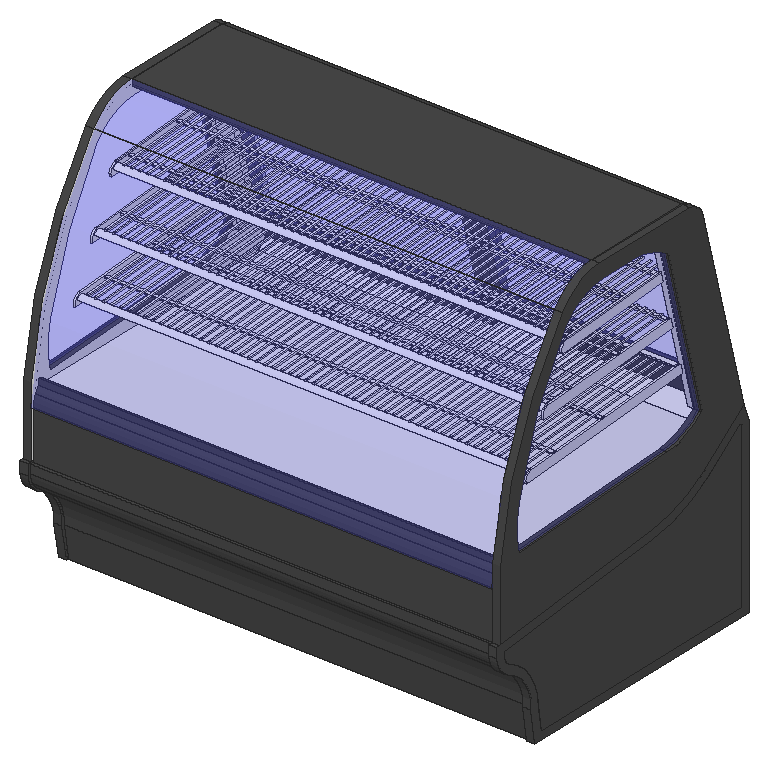
Revit family "QF_TRUE_TDM-R-59_cat", category Specialty Equipment, Revit 2014
Parameters
  Weight in Pounds = 760
  Watts = FL Amps * Volts  # 1380 W
  Volts = 115 V
  URL Cutsheet = ""
  Specification by User = ""
  Specification by Manufacturer = ""
  Solid Mirror End = Pass Code = 3  # no
  Model = "TDM-R-59"
  Manufacturer = "TRUE"
  Interior Finishes = QF_Plastic - White - Smooth
  Show Clearance [instance] = yes
  Serial Number = ""
  Seismic Rating = ""
  SMACNA No = ""
  Revision Code = ""
  Phase = 1
  Pass Code = 1
  Number of Poles = 1
  NAFEM Spec ID Number = ""
  Mirror End = Pass Code = 2  # no
  Min Ckt Ampacity = 0 A
  Max Overcurrent Protection = 0 A
  Exterior Finishes = QF_Plastic - Black - Coarse Textured
  Masterspec = ""
  Length = 59 1/4"
  Item Number = ""
  Installed By = ""
  Identify Quantity as Lot = yes
  Height = 49 1/8"
  HP = "1/2"
  Glass End = Pass Code = 1  # yes
  Furnished By = ""
  Foodservice Equipment Identifier = yes
  FL Amps = 12 A
  Electrical Remarks = ""
  Electric Connection Type = ""
  Elec Conn RI Height = 0"
  Elec Conn Connection Height = 0"
  Description = "CURVED GLASS, GLASS END REFRIGERATOR"
  Depth = 39"
  Cycle = 60 Hz
  Conn Plug = "5-15P"
  Conn Conduit = yes
  CSI MasterFormat = ""
  Apparent Power = 0 VA
Reference planes (in)
  plane 1 "BACK": y = 0
  plane 2: z = 0
  plane 3 "LEFT": x = 0
  plane 4 "RIGHT": x = 59.25
  plane 5 "FRONT": y = -39
  plane 6 "TOP": z = 49.125
  plane 7 "Center Y": x = 29.625
  plane 8 "Center X": y = -19.5
  plane 9: z = 22.23339
  plane 10: z = 21.46032
  plane 11: z = 19.2306
  plane 12: z = 13.2306
  plane 13: z = 11.2306
  plane 14: z = 12.2306
  plane 15: z = 78
  plane 16: z = 22.23339
  plane 17: z = 21.46032
  plane 18: z = 19.2306
  plane 19: z = 13.2306
  plane 20: z = 11.2306
  plane 21: z = 12.2306
  plane 22: z = 22.23339
  plane 23: z = 21.46032
  plane 24: z = 19.2306
  plane 25: z = 13.2306
  plane 26: z = 11.2306
  plane 27: z = 12.2306
Forms (in)
  Extrusion 1, solid, material "QF_Plastic - Black - Coarse Textured" <- "Exterior Finishes"
    sketch origin (0, 0, 0) x (0, 1, 0) y (0, 0, 1)
      loop
        line (-33.09114, 0) -> (0, 0) -> (0, 21.37994) -> (-0.67753, 23.38628) -> (-6.94741, 18.83094)
        arc (-6.94741, 18.83094) -> (-10.71461, 16.78552) -> (-14.88284, 15.78482) r 16.42074
        line (-14.88284, 15.78482) -> (-39, 13.25) -> (-39, 12)
        arc (-39, 12) -> (-38.49391, 10.52321) -> (-37.27927, 9.54254) r 2.81746
        arc (-37.27927, 9.54254) -> (-34.67152, 7.36086) -> (-33.73912, 4.09119) r 5.78692
        line (-33.73912, 4.09119) -> (-33.09114, 0)
      loop
        line (-14.77832, 14.79029) -> (-38, 12.3496) -> (-38, 12.02743)
        arc (-38, 12.02743) -> (-37.66841, 11.08778) -> (-36.89123, 10.46419) r 1.81746
        arc (-36.89123, 10.46419) -> (-33.85816, 7.94419) -> (-32.73807, 4.16328) r 6.78692
        line (-32.73807, 4.16328) -> (-32.23706, 1) -> (-1, 1) -> (-1, 21.21565) -> (-1.18989, 21.77796) -> (-6.35963, 18.02193)
        arc (-6.35963, 18.02193) -> (-10.35624, 15.85194) -> (-14.77832, 14.79029) r 17.42074
    from 0 to 1
  Extrusion 2, solid, material "QF_Plastic - Black - Coarse Textured" <- "Exterior Finishes", visible <- "Glass End"
    sketch origin (0, 0, 0) x (0, 1, 0) y (0, 0, 1)
      loop
        arc (-23.00923, 49.125) -> (-26.25461, 48.28362) -> (-28.76429, 46.06056) r 7.18086
        arc (-28.76429, 46.06056) -> (-36.72155, 30.59943) -> (-38.50274, 13.30226) r 46.92774
        line (-38.50274, 13.30226) -> (-14.88284, 15.78482)
        arc (-14.88284, 15.78482) -> (-10.71461, 16.78552) -> (-6.94741, 18.83094) r 16.42074
        line (-6.94741, 18.83094) -> (-0.67753, 23.38628) -> (-7.14522, 47.81699)
        arc (-7.14522, 47.81699) -> (-7.93905, 48.6712) -> (-9.01326, 49.125) r 2.78194
        line (-9.01326, 49.125) -> (-23.00923, 49.125)
      loop
        arc (-12.5504, 45.68373) -> (-15.14135, 46.83048) -> (-17.95423, 47.17076) r 9.59778
        line (-17.95423, 47.17076) -> (-22.45423, 47.17076)
        arc (-22.45423, 47.17076) -> (-25.70423, 46.45025) -> (-28.34523, 44.42374) r 7.69016
        arc (-28.34523, 44.42374) -> (-32.77097, 36.54248) -> (-35.66649, 27.97992) r 48.77616
        arc (-35.66649, 27.97992) -> (-36.00339, 25.10492) -> (-35.66649, 22.22992) r 12.43573
        line (-35.66649, 22.22992) -> (-12.44835, 23.44673)
        arc (-12.44835, 23.44673) -> (-9.65615, 24.07889) -> (-7.23547, 25.60742) r 8.44677
        line (-7.23547, 25.60742) -> (-12.5504, 45.68373)
    from 0 to 1
  Extrusion 3, solid, material "QF_Plastic - White - Smooth" <- "Interior Finishes"
    sketch origin (0, 0, 0) x (0, 1, 0) y (0, 0, 1)
      loop
        line (-14.77832, 14.79029) -> (-38, 12.3496) -> (-38, 12.02743)
        arc (-38, 12.02743) -> (-37.66841, 11.08778) -> (-36.89123, 10.46419) r 1.81746
        arc (-36.89123, 10.46419) -> (-33.85816, 7.94419) -> (-32.73807, 4.16328) r 6.78692
        line (-32.73807, 4.16328) -> (-32.23706, 1) -> (-1, 1) -> (-1, 21.21565) -> (-1.18989, 21.77796) -> (-6.35963, 18.02193)
        arc (-6.35963, 18.02193) -> (-10.35624, 15.85194) -> (-14.77832, 14.79029) r 17.42074
    from 0 to 1
  Extrusion 4, solid, material "Glass", visible <- "Glass End"
    sketch origin (0, 0, 0) x (0, 1, 0) y (0, 0, 1)
      loop
        arc (-12.5504, 45.68373) -> (-15.14135, 46.83048) -> (-17.95423, 47.17076) r 9.59778
        line (-17.95423, 47.17076) -> (-22.45423, 47.17076)
        arc (-22.45423, 47.17076) -> (-25.70423, 46.45025) -> (-28.34523, 44.42374) r 7.69016
        arc (-28.34523, 44.42374) -> (-32.77097, 36.54248) -> (-35.66649, 27.97992) r 48.77616
        arc (-35.66649, 27.97992) -> (-36.00339, 25.10492) -> (-35.66649, 22.22992) r 12.43573
        line (-35.66649, 22.22992) -> (-12.44835, 23.44673)
        arc (-12.44835, 23.44673) -> (-9.65615, 24.07889) -> (-7.23547, 25.60742) r 8.44677
        line (-7.23547, 25.60742) -> (-12.5504, 45.68373)
    from 0.25 to 0.5
  Extrusion 5, solid, material "QF_Plastic - Black - Coarse Textured" <- "Exterior Finishes"
    sketch origin (1, 0, 0) x (0, 1, 0) y (0, 0, 1)
      loop
        line (-9.01326, 49.125) -> (-23.00923, 49.125) -> (-23.00923, 48.375) -> (-9.01326, 48.375) -> (-7.89522, 47.81699) -> (-7.14522, 47.81699)
        arc (-7.14522, 47.81699) -> (-7.93905, 48.6712) -> (-9.01326, 49.125) r 2.78194
      loop
        line (-32.83802, 0) -> (-0.67753, 0) -> (-0.67753, 19.2306) -> (-38.34174, 19.2306) -> (-38.34174, 10.74475)
        arc (-38.34174, 10.74475) -> (-37.8352, 10.17151) -> (-37.18226, 9.77295) r 2.56746
        arc (-37.18226, 9.77295) -> (-34.46798, 7.50644) -> (-33.48875, 4.10856) r 6.03692
        line (-33.48875, 4.10856) -> (-32.83802, 0)
    from 0 to 57.25
  Extrusion 6, solid, material "QF_Plastic - Black - Coarse Textured" <- "Exterior Finishes"
    sketch origin (59.25, 0, 0) x (0, -1, 0) y (0, 0, 1)
      loop
        line (33.09114, 0) -> (33.73912, 4.09119)
        arc (33.73912, 4.09119) -> (34.67152, 7.36086) -> (37.27927, 9.54254) r 5.78692
        arc (37.27927, 9.54254) -> (38.49391, 10.52321) -> (39, 12) r 2.81746
        line (39, 12) -> (39, 13.25) -> (14.88284, 15.78482)
        arc (14.88284, 15.78482) -> (10.71461, 16.78552) -> (6.94741, 18.83094) r 16.42074
        line (6.94741, 18.83094) -> (0.67753, 23.38628) -> (0, 21.37994) -> (0, 0) -> (33.09114, 0)
      loop
        arc (14.77832, 14.79029) -> (10.35624, 15.85194) -> (6.35963, 18.02193) r 17.42074
        line (6.35963, 18.02193) -> (1.18989, 21.77796) -> (1, 21.21565) -> (1, 1) -> (32.23706, 1) -> (32.73807, 4.16328)
        arc (32.73807, 4.16328) -> (33.85816, 7.94419) -> (36.89123, 10.46419) r 6.78692
        arc (36.89123, 10.46419) -> (37.66841, 11.08778) -> (38, 12.02743) r 1.81746
        line (38, 12.02743) -> (38, 12.3496) -> (14.77832, 14.79029)
    from 0 to 1
  Extrusion 7, solid, material "QF_Plastic - Black - Coarse Textured" <- "Exterior Finishes", visible <- "Glass End"
    sketch origin (59.25, 0, 0) x (0, -1, 0) y (0, 0, 1)
      loop
        line (23.00923, 49.125) -> (9.01326, 49.125)
        arc (9.01326, 49.125) -> (7.93905, 48.6712) -> (7.14522, 47.81699) r 2.78194
        line (7.14522, 47.81699) -> (0.67753, 23.38628) -> (6.94741, 18.83094)
        arc (6.94741, 18.83094) -> (10.71461, 16.78552) -> (14.88284, 15.78482) r 16.42074
        line (14.88284, 15.78482) -> (38.50274, 13.30226)
        arc (38.50274, 13.30226) -> (36.72155, 30.59943) -> (28.76429, 46.06056) r 46.92774
        arc (28.76429, 46.06056) -> (26.25461, 48.28362) -> (23.00923, 49.125) r 7.18086
      loop
        line (12.5504, 45.68373) -> (7.23547, 25.60742)
        arc (7.23547, 25.60742) -> (9.65615, 24.07889) -> (12.44835, 23.44673) r 8.44677
        line (12.44835, 23.44673) -> (35.66649, 22.22992)
        arc (35.66649, 22.22992) -> (36.00339, 25.10492) -> (35.66649, 27.97992) r 12.43573
        arc (35.66649, 27.97992) -> (32.77097, 36.54248) -> (28.34523, 44.42374) r 48.77616
        arc (28.34523, 44.42374) -> (25.70423, 46.45025) -> (22.45423, 47.17076) r 7.69016
        line (22.45423, 47.17076) -> (17.95423, 47.17076)
        arc (17.95423, 47.17076) -> (15.14135, 46.83048) -> (12.5504, 45.68373) r 9.59778
    from 0 to 1
  Extrusion 8, solid, material "QF_Plastic - White - Smooth" <- "Interior Finishes"
    sketch origin (59.25, 0, 0) x (0, -1, 0) y (0, 0, 1)
      loop
        arc (14.77832, 14.79029) -> (10.35624, 15.85194) -> (6.35963, 18.02193) r 17.42074
        line (6.35963, 18.02193) -> (1.18989, 21.77796) -> (1, 21.21565) -> (1, 1) -> (32.23706, 1) -> (32.73807, 4.16328)
        arc (32.73807, 4.16328) -> (33.85816, 7.94419) -> (36.89123, 10.46419) r 6.78692
        arc (36.89123, 10.46419) -> (37.66841, 11.08778) -> (38, 12.02743) r 1.81746
        line (38, 12.02743) -> (38, 12.3496) -> (14.77832, 14.79029)
    from 0 to 1
  Extrusion 9, solid, material "Glass", visible <- "Glass End"
    sketch origin (59.25, 0, 0) x (0, -1, 0) y (0, 0, 1)
      loop
        line (12.5504, 45.68373) -> (7.23547, 25.60742)
        arc (7.23547, 25.60742) -> (9.65615, 24.07889) -> (12.44835, 23.44673) r 8.44677
        line (12.44835, 23.44673) -> (35.66649, 22.22992)
        arc (35.66649, 22.22992) -> (36.00339, 25.10492) -> (35.66649, 27.97992) r 12.43573
        arc (35.66649, 27.97992) -> (32.77097, 36.54248) -> (28.34523, 44.42374) r 48.77616
        arc (28.34523, 44.42374) -> (25.70423, 46.45025) -> (22.45423, 47.17076) r 7.69016
        line (22.45423, 47.17076) -> (17.95423, 47.17076)
        arc (17.95423, 47.17076) -> (15.14135, 46.83048) -> (12.5504, 45.68373) r 9.59778
    from 0.25 to 0.5
  Extrusion 10, solid, material "Glass"
    sketch origin (1, 0, 0) x (0, 1, 0) y (0, 0, 1)
      loop
        arc (-23.00923, 49.125) -> (-26.25461, 48.28362) -> (-28.76429, 46.06056) r 7.18086
        arc (-28.76429, 46.06056) -> (-35.78685, 33.41459) -> (-38.62436, 19.2306) r 46.92774
        line (-38.62436, 19.2306) -> (-38.34174, 19.2306)
        arc (-38.34174, 19.2306) -> (-38.26581, 19.95241) -> (-38.04135, 20.64261) r 3.46882
        arc (-38.04135, 20.64261) -> (-35.06235, 33.92012) -> (-28.36179, 45.76365) r 46.42774
        arc (-28.36179, 45.76365) -> (-26.02918, 47.83718) -> (-23.00923, 48.62491) r 6.68086
        line (-23.00923, 48.62491) -> (-23.00923, 49.125)
    from 0 to 57.25
  Extrusion 11, solid, material "QF_Plastic - Black - Coarse Textured" <- "Exterior Finishes"
    sketch origin (59.25, -7.14522, 47.81699) x (0, 0.25592, -0.966698) y (-1, 0, 0)
      loop
        line (0, 29.625) -> (0, 1) -> (25.27233, 1) -> (25.27233, 29.625) -> (0, 29.625)
      loop
        line (3, 28.625) -> (3, 2) -> (22.27233, 2) -> (22.27233, 28.625) -> (3, 28.625)
    from 0 to -1
  Extrusion 12, solid, material "QF_Plastic - Black - Coarse Textured" <- "Exterior Finishes"
    sketch origin (59.25, -8.11192, 47.56107) x (0, -0.25592, 0.966698) y (-1, 0, 0)
      loop
        line (0, 29.625) -> (0, 59.25) -> (-25.27233, 59.25) -> (-25.27233, 29.625) -> (0, 29.625)
      loop
        line (-3, 30.625) -> (-3, 58.25) -> (-22.27233, 58.25) -> (-22.27233, 30.625) -> (-3, 30.625)
    from 0 to 1
  Extrusion 13, solid, material "Glass"
    sketch origin (59.25, -7.14522, 47.81699) x (0, 0.25592, -0.966698) y (-1, 0, 0)
      loop
        line (3, 28.625) -> (3, 2) -> (22.27233, 2) -> (22.27233, 28.625) -> (3, 28.625)
    from 0 to -1
  Extrusion 14, solid, material "Glass"
    sketch origin (59.25, -9.07862, 47.30515) x (0, -0.25592, 0.966698) y (-1, 0, 0)
      loop
        line (-3, 30.625) -> (-3, 58.25) -> (-22.27233, 58.25) -> (-22.27233, 30.625) -> (-3, 30.625)
    from 0 to -1
  Extrusion 15, solid, material "QF_Plastic - Black - Coarse Textured" <- "Exterior Finishes"
    sketch origin (30.625, -6.37746, 44.91689) x (0, 0.25592, -0.966698) y (0, -0.966698, -0.25592)
      loop
        line (5.88616, 0) -> (6.17284, -0.5) -> (16.59438, -0.53127) -> (17.12884, 0) -> (5.88616, 0)
    from 0 to 0.5
  Extrusion 16, solid, material "QF_Plastic - Black - Coarse Textured" <- "Exterior Finishes"
    sketch origin (1, -8.31086, 44.40505) x (0, 0.25592, -0.966698) y (0, -0.966698, -0.25592)
      loop
        line (5.88616, -1) -> (6.17284, -1.5) -> (16.59438, -1.53127) -> (17.12884, -1) -> (5.88616, -1)
    from 0 to 0.5
  Extrusion 17, solid, material "QF_Door-Drawer Clearances", visible <- "Show Clearance", detail levels coarse
    sketch origin (1, 0, 0) x (0, 1, 0) y (0, 0, 1)
      loop
        arc (-12.52603, 68.80125) -> (-28.16411, 76.40487) -> (-45.4973, 77.79227) r 46.92774
        arc (-45.4973, 77.79227) -> (-45.59086, 77.65652) -> (-45.68391, 77.52041) r 42.96792
        arc (-45.68391, 77.52041) -> (-28.33023, 76.19092) -> (-12.66991, 68.5967) r 46.67774
        arc (-12.66991, 68.5967) -> (-10.46653, 66.22403) -> (-9.5814, 63.10939) r 6.93086
        line (-9.5814, 63.10939) -> (-9.26332, 49.125) -> (-9.01326, 49.125) -> (-9.33152, 63.11735)
        arc (-9.33152, 63.11735) -> (-10.24648, 66.34277) -> (-12.52603, 68.80125) r 7.18086
    from 0 to 57.25
  Extrusion 18, solid, material "QF_Plastic - Black - Coarse Textured" <- "Exterior Finishes"
    sketch origin (1, 0, 0) x (0, 1, 0) y (0, 0, 1)
      loop
        line (-9.01326, 49.125) -> (-23.00923, 49.125) -> (-23.00923, 48.375) -> (-9.01326, 48.375) -> (-7.89522, 47.81699) -> (-7.14522, 47.81699)
        arc (-7.14522, 47.81699) -> (-7.93905, 48.6712) -> (-9.01326, 49.125) r 2.78194
      loop
        arc (-38.75182, 12.04787) -> (-38.63504, 11.36854) -> (-38.34174, 10.74475) r 2.56746
        line (-38.34174, 10.74475) -> (-38.34174, 13.2306) -> (-38.75182, 13.2306) -> (-38.75182, 12.04787)
    from 0 to 57.25
  Extrusion 19, solid, material "QF_Plastic - Black - Coarse Textured" <- "Exterior Finishes"
    sketch origin (1, 0, 0) x (0, 1, 0) y (0, 0, 1)
      loop
        line (-9.01326, 49.125) -> (-23.00923, 49.125) -> (-23.00923, 48.375) -> (-9.01326, 48.375) -> (-7.89522, 47.81699) -> (-7.14522, 47.81699)
        arc (-7.14522, 47.81699) -> (-7.93905, 48.6712) -> (-9.01326, 49.125) r 2.78194
      loop
        line (-0.67753, 23.38628) -> (-3.32838, 21.46032) -> (-37.28019, 21.46032) -> (-37.28019, 22.23339) -> (-37.53019, 22.23339) -> (-37.53019, 21.46032)
        arc (-37.53019, 21.46032) -> (-38.13254, 20.41701) -> (-38.34174, 19.2306) r 3.46882
        line (-38.34174, 19.2306) -> (-0.67753, 19.2306) -> (-0.67753, 23.38628)
    from 0 to 57.25
  Extrusion 20, solid, material "QF_Plastic - Black - Coarse Textured" <- "Exterior Finishes", visible <- "Mirror End"
    sketch origin (59.25, 0, 0) x (0, -1, 0) y (0, 0, 1)
      loop
        line (23.00923, 49.125) -> (9.01326, 49.125)
        arc (9.01326, 49.125) -> (7.93905, 48.6712) -> (7.14522, 47.81699) r 2.78194
        line (7.14522, 47.81699) -> (0.67753, 23.38628) -> (6.94741, 18.83094)
        arc (6.94741, 18.83094) -> (10.71461, 16.78552) -> (14.88284, 15.78482) r 16.42074
        line (14.88284, 15.78482) -> (38.50274, 13.30226)
        arc (38.50274, 13.30226) -> (36.72155, 30.59943) -> (28.76429, 46.06056) r 46.92774
        arc (28.76429, 46.06056) -> (26.25461, 48.28362) -> (23.00923, 49.125) r 7.18086
    from 0 to 1
  Extrusion 21, solid, material "QF_Plastic - Black - Coarse Textured" <- "Exterior Finishes", visible <- "Solid Mirror End"
    sketch origin (59.25, 0, 0) x (0, -1, 0) y (0, 0, 1)
      loop
        line (23.00923, 49.125) -> (9.01326, 49.125)
        arc (9.01326, 49.125) -> (7.93905, 48.6712) -> (7.14522, 47.81699) r 2.78194
        line (7.14522, 47.81699) -> (0.67753, 23.38628) -> (6.94741, 18.83094)
        arc (6.94741, 18.83094) -> (10.71461, 16.78552) -> (14.88284, 15.78482) r 16.42074
        line (14.88284, 15.78482) -> (38.50274, 13.30226)
        arc (38.50274, 13.30226) -> (36.72155, 30.59943) -> (28.76429, 46.06056) r 46.92774
        arc (28.76429, 46.06056) -> (26.25461, 48.28362) -> (23.00923, 49.125) r 7.18086
    from 0 to 1
  Extrusion 22, solid, material "QF_Plastic - Black - Coarse Textured" <- "Exterior Finishes", visible <- "Mirror End"
    sketch origin (0, 0, 0) x (0, 1, 0) y (0, 0, 1)
      loop
        arc (-23.00923, 49.125) -> (-26.25461, 48.28362) -> (-28.76429, 46.06056) r 7.18086
        arc (-28.76429, 46.06056) -> (-36.72155, 30.59943) -> (-38.50274, 13.30226) r 46.92774
        line (-38.50274, 13.30226) -> (-14.88284, 15.78482)
        arc (-14.88284, 15.78482) -> (-10.71461, 16.78552) -> (-6.94741, 18.83094) r 16.42074
        line (-6.94741, 18.83094) -> (-0.67753, 23.38628) -> (-7.14522, 47.81699)
        arc (-7.14522, 47.81699) -> (-7.93905, 48.6712) -> (-9.01326, 49.125) r 2.78194
        line (-9.01326, 49.125) -> (-23.00923, 49.125)
    from 0 to 1
  Extrusion 23, solid, material "QF_Plastic - Black - Coarse Textured" <- "Exterior Finishes", visible <- "Solid Mirror End"
    sketch origin (0, 0, 0) x (0, 1, 0) y (0, 0, 1)
      loop
        arc (-23.00923, 49.125) -> (-26.25461, 48.28362) -> (-28.76429, 46.06056) r 7.18086
        arc (-28.76429, 46.06056) -> (-36.72155, 30.59943) -> (-38.50274, 13.30226) r 46.92774
        line (-38.50274, 13.30226) -> (-14.88284, 15.78482)
        arc (-14.88284, 15.78482) -> (-10.71461, 16.78552) -> (-6.94741, 18.83094) r 16.42074
        line (-6.94741, 18.83094) -> (-0.67753, 23.38628) -> (-7.14522, 47.81699)
        arc (-7.14522, 47.81699) -> (-7.93905, 48.6712) -> (-9.01326, 49.125) r 2.78194
        line (-9.01326, 49.125) -> (-23.00923, 49.125)
    from 0 to 1
  Extrusion 24, solid, material "QF_Plastic - White - Smooth" <- "Interior Finishes"
    sketch origin (1.75, 0, 0) x (0, 1, 0) y (0, 0, 1)
      loop
        line (-10.60153, 42.57168) -> (-26.18563, 41.48194)
        arc (-26.18563, 41.48194) -> (-26.90771, 41.0566) -> (-27.00258, 40.22393) r 0.9391
        line (-27.00258, 40.22393) -> (-10.28939, 41.39263) -> (-10.60153, 42.57168)
      loop
        line (-9.08382, 36.83877) -> (-29.08613, 35.44008)
        arc (-29.08613, 35.44008) -> (-29.82618, 34.98594) -> (-29.87759, 34.11918) r 0.9391
        line (-29.87759, 34.11918) -> (-8.75487, 35.59623) -> (-9.08382, 36.83877)
      loop
        line (-7.56157, 31.0887) -> (-31.73663, 29.39821)
        arc (-31.73663, 29.39821) -> (-32.45499, 28.97856) -> (-32.55815, 28.15303) r 0.9391
        line (-32.55815, 28.15303) -> (-7.25285, 29.92255) -> (-7.56157, 31.0887)
    from 0 to -0.25
  Extrusion 25, solid, material "QF_Plastic - White - Smooth" <- "Interior Finishes"
    sketch origin (1, 0, 0) x (0, 1, 0) y (0, 0, 1)
      loop
        line (-12.5504, 45.68373) -> (-7.23547, 25.60742) -> (-5.30208, 26.11926) -> (-10.617, 46.19557) -> (-12.5504, 45.68373)
    from 0 to 0.75
  Extrusion 26, solid, material "QF_Plastic - White - Smooth" <- "Interior Finishes"
    sketch origin (58.25, 0, 0) x (0, -1, 0) y (0, 0, 1)
      loop
        line (12.5504, 45.68373) -> (10.617, 46.19557) -> (5.30208, 26.11926) -> (7.23547, 25.60742) -> (12.5504, 45.68373)
    from 0 to 0.75
  Extrusion 27, solid, material "QF_Plastic - White - Smooth" <- "Interior Finishes"
    sketch origin (57.5, 0, 0) x (0, -1, 0) y (0, 0, 1)
      loop
        line (10.60153, 42.57168) -> (10.28939, 41.39263) -> (27.00258, 40.22393)
        arc (27.00258, 40.22393) -> (26.90771, 41.0566) -> (26.18563, 41.48194) r 0.9391
        line (26.18563, 41.48194) -> (10.60153, 42.57168)
      loop
        line (9.08382, 36.83877) -> (8.75487, 35.59623) -> (29.87759, 34.11918)
        arc (29.87759, 34.11918) -> (29.82618, 34.98594) -> (29.08613, 35.44008) r 0.9391
        line (29.08613, 35.44008) -> (9.08382, 36.83877)
      loop
        line (7.56157, 31.0887) -> (7.25285, 29.92255) -> (32.55815, 28.15303)
        arc (32.55815, 28.15303) -> (32.45499, 28.97856) -> (31.73663, 29.39821) r 0.9391
        line (31.73663, 29.39821) -> (7.56157, 31.0887)
    from 0 to -0.25
  Extrusion 28, solid, material "QF_Plastic - White - Smooth" <- "Interior Finishes"
    sketch origin (1.75, 0, 0) x (0, 1, 0) y (0, 0, 1)
      loop
        line (-26.90771, 41.0566) -> (-26.15588, 41.0566) -> (-26.15588, 41.48355)
        arc (-26.15588, 41.48355) -> (-26.58386, 41.36174) -> (-26.90771, 41.0566) r 0.9391
      loop
        line (-29.79834, 35.01699) -> (-29.04651, 35.01699) -> (-29.04651, 35.44394)
        arc (-29.04651, 35.44394) -> (-29.47448, 35.32213) -> (-29.79834, 35.01699) r 0.9391
      loop
        line (-32.45976, 28.97127) -> (-31.73663, 28.97127) -> (-31.73663, 29.39821)
        arc (-31.73663, 29.39821) -> (-32.14857, 29.27007) -> (-32.45976, 28.97127) r 0.9391
      loop
        line (-24.55139, 41.59622) -> (-24.55139, 41.45878) -> (-24.05139, 41.45878) -> (-24.05139, 41.63118) -> (-24.55139, 41.59622)
      loop
        line (-17.06966, 42.11939) -> (-17.06966, 41.98195) -> (-16.56966, 41.98195) -> (-16.56966, 42.15435) -> (-17.06966, 42.11939)
      loop
        line (-28.25899, 29.67636) -> (-28.25899, 29.50395) -> (-27.75899, 29.50395) -> (-27.75899, 29.67636) -> (-28.25899, 29.67636)
      loop
        line (-20.77726, 30.16457) -> (-20.77726, 30.02713) -> (-20.27726, 30.02713) -> (-20.27726, 30.19953) -> (-20.77726, 30.16457)
      loop
        line (-25.81124, 35.70404) -> (-25.81124, 35.53164) -> (-25.31124, 35.53164) -> (-25.31124, 35.70404) -> (-25.81124, 35.70404)
      loop
        line (-18.32951, 36.19225) -> (-18.32951, 36.05481) -> (-17.82951, 36.05481) -> (-17.82951, 36.22722) -> (-18.32951, 36.19225)
      loop
        line (-11.70608, 42.49445) -> (-12.20486, 42.45957) -> (-12.13704, 42.20337) -> (-11.63826, 42.23825) -> (-11.70608, 42.49445)
      loop
        line (-10.18837, 36.76154) -> (-10.68715, 36.72666) -> (-10.61933, 36.47046) -> (-10.12055, 36.50534) -> (-10.18837, 36.76154)
      loop
        line (-8.66612, 31.01146) -> (-9.1649, 30.97658) -> (-9.09708, 30.72039) -> (-8.5983, 30.75527) -> (-8.66612, 31.01146)
    from 0 to 55.75
  Extrusion 29, solid, material "QF_Plastic - White - Smooth" <- "Interior Finishes"
    sketch origin (1.75, -12.34534, 42.44975) x (0, -0.997564, -0.069756) y (1, 0, 0)
      loop
        line (13.8443, 1) -> (-1.74806, 1) -> (-1.74806, 0.75) -> (13.8443, 0.75) -> (13.8443, 1)
      loop
        line (13.8443, 2) -> (-1.74806, 2) -> (-1.74806, 1.75) -> (13.8443, 1.75) -> (13.8443, 2)
      loop
        line (13.8443, 3) -> (-1.74806, 3) -> (-1.74806, 2.75) -> (13.8443, 2.75) -> (13.8443, 3)
      loop
        line (13.8443, 4) -> (-1.74806, 4) -> (-1.74806, 3.75) -> (13.8443, 3.75) -> (13.8443, 4)
      loop
        line (13.8443, 5) -> (-1.74806, 5) -> (-1.74806, 4.75) -> (13.8443, 4.75) -> (13.8443, 5)
      loop
        line (13.8443, 6) -> (-1.74806, 6) -> (-1.74806, 5.75) -> (13.8443, 5.75) -> (13.8443, 6)
      loop
        line (13.8443, 7) -> (-1.74806, 7) -> (-1.74806, 6.75) -> (13.8443, 6.75) -> (13.8443, 7)
      loop
        line (13.8443, 8) -> (-1.74806, 8) -> (-1.74806, 7.75) -> (13.8443, 7.75) -> (13.8443, 8)
      loop
        line (13.8443, 9) -> (-1.74806, 9) -> (-1.74806, 8.75) -> (13.8443, 8.75) -> (13.8443, 9)
      loop
        line (13.8443, 10) -> (-1.74806, 10) -> (-1.74806, 9.75) -> (13.8443, 9.75) -> (13.8443, 10)
      loop
        line (13.8443, 11) -> (-1.74806, 11) -> (-1.74806, 10.75) -> (13.8443, 10.75) -> (13.8443, 11)
      loop
        line (13.8443, 12) -> (-1.74806, 12) -> (-1.74806, 11.75) -> (13.8443, 11.75) -> (13.8443, 12)
      loop
        line (13.8443, 13) -> (-1.74806, 13) -> (-1.74806, 12.75) -> (13.8443, 12.75) -> (13.8443, 13)
      loop
        line (13.8443, 14) -> (-1.74806, 14) -> (-1.74806, 13.75) -> (13.8443, 13.75) -> (13.8443, 14)
      loop
        line (13.8443, 15) -> (-1.74806, 15) -> (-1.74806, 14.75) -> (13.8443, 14.75) -> (13.8443, 15)
      loop
        line (13.8443, 16) -> (-1.74806, 16) -> (-1.74806, 15.75) -> (13.8443, 15.75) -> (13.8443, 16)
      loop
        line (13.8443, 21.75) -> (13.8443, 22) -> (-1.74806, 22) -> (-1.74806, 21.75) -> (13.8443, 21.75)
      loop
        line (13.8443, 20.75) -> (13.8443, 21) -> (-1.74806, 21) -> (-1.74806, 20.75) -> (13.8443, 20.75)
      loop
        line (13.8443, 19.75) -> (13.8443, 20) -> (-1.74806, 20) -> (-1.74806, 19.75) -> (13.8443, 19.75)
      loop
        line (13.8443, 18.75) -> (13.8443, 19) -> (-1.74806, 19) -> (-1.74806, 18.75) -> (13.8443, 18.75)
      loop
        line (13.8443, 17.75) -> (13.8443, 18) -> (-1.74806, 18) -> (-1.74806, 17.75) -> (13.8443, 17.75)
      loop
        line (13.8443, 16.75) -> (13.8443, 17) -> (-1.74806, 17) -> (-1.74806, 16.75) -> (13.8443, 16.75)
      loop
        line (13.8443, 23) -> (-1.74806, 23) -> (-1.74806, 22.75) -> (13.8443, 22.75) -> (13.8443, 23)
      loop
        line (13.8443, 24) -> (-1.74806, 24) -> (-1.74806, 23.75) -> (13.8443, 23.75) -> (13.8443, 24)
      loop
        line (13.8443, 25) -> (-1.74806, 25) -> (-1.74806, 24.75) -> (13.8443, 24.75) -> (13.8443, 25)
      loop
        line (13.8443, 26) -> (-1.74806, 26) -> (-1.74806, 25.75) -> (13.8443, 25.75) -> (13.8443, 26)
      loop
        line (13.8443, 27) -> (-1.74806, 27) -> (-1.74806, 26.75) -> (13.8443, 26.75) -> (13.8443, 27)
      loop
        line (13.8443, 28) -> (-1.74806, 28) -> (-1.74806, 27.75) -> (13.8443, 27.75) -> (13.8443, 28)
      loop
        line (13.8443, 0) -> (-1.74806, 0) -> (-1.74806, -0.25) -> (13.8443, -0.25) -> (13.8443, 0)
      loop
        line (13.8443, 54.75) -> (13.8443, 55) -> (-1.74806, 55) -> (-1.74806, 54.75) -> (13.8443, 54.75)
      loop
        line (13.8443, 53.75) -> (13.8443, 54) -> (-1.74806, 54) -> (-1.74806, 53.75) -> (13.8443, 53.75)
      loop
        line (13.8443, 52.75) -> (13.8443, 53) -> (-1.74806, 53) -> (-1.74806, 52.75) -> (13.8443, 52.75)
      loop
        line (13.8443, 51.75) -> (13.8443, 52) -> (-1.74806, 52) -> (-1.74806, 51.75) -> (13.8443, 51.75)
      loop
        line (13.8443, 50.75) -> (13.8443, 51) -> (-1.74806, 51) -> (-1.74806, 50.75) -> (13.8443, 50.75)
      loop
        line (13.8443, 49.75) -> (13.8443, 50) -> (-1.74806, 50) -> (-1.74806, 49.75) -> (13.8443, 49.75)
      loop
        line (13.8443, 48.75) -> (13.8443, 49) -> (-1.74806, 49) -> (-1.74806, 48.75) -> (13.8443, 48.75)
      loop
        line (13.8443, 47.75) -> (13.8443, 48) -> (-1.74806, 48) -> (-1.74806, 47.75) -> (13.8443, 47.75)
      loop
        line (13.8443, 46.75) -> (13.8443, 47) -> (-1.74806, 47) -> (-1.74806, 46.75) -> (13.8443, 46.75)
      loop
        line (13.8443, 45.75) -> (13.8443, 46) -> (-1.74806, 46) -> (-1.74806, 45.75) -> (13.8443, 45.75)
      loop
        line (13.8443, 44.75) -> (13.8443, 45) -> (-1.74806, 45) -> (-1.74806, 44.75) -> (13.8443, 44.75)
      loop
        line (13.8443, 43.75) -> (13.8443, 44) -> (-1.74806, 44) -> (-1.74806, 43.75) -> (13.8443, 43.75)
      loop
        line (13.8443, 42.75) -> (13.8443, 43) -> (-1.74806, 43) -> (-1.74806, 42.75) -> (13.8443, 42.75)
      loop
        line (13.8443, 41.75) -> (13.8443, 42) -> (-1.74806, 42) -> (-1.74806, 41.75) -> (13.8443, 41.75)
      loop
        line (13.8443, 40.75) -> (13.8443, 41) -> (-1.74806, 41) -> (-1.74806, 40.75) -> (13.8443, 40.75)
      loop
        line (13.8443, 39.75) -> (13.8443, 40) -> (-1.74806, 40) -> (-1.74806, 39.75) -> (13.8443, 39.75)
      loop
        line (13.8443, 34) -> (-1.74806, 34) -> (-1.74806, 33.75) -> (13.8443, 33.75) -> (13.8443, 34)
      loop
        line (13.8443, 35) -> (-1.74806, 35) -> (-1.74806, 34.75) -> (13.8443, 34.75) -> (13.8443, 35)
      loop
        line (13.8443, 36) -> (-1.74806, 36) -> (-1.74806, 35.75) -> (13.8443, 35.75) -> (13.8443, 36)
      loop
        line (13.8443, 37) -> (-1.74806, 37) -> (-1.74806, 36.75) -> (13.8443, 36.75) -> (13.8443, 37)
      loop
        line (13.8443, 38) -> (-1.74806, 38) -> (-1.74806, 37.75) -> (13.8443, 37.75) -> (13.8443, 38)
      loop
        line (13.8443, 39) -> (-1.74806, 39) -> (-1.74806, 38.75) -> (13.8443, 38.75) -> (13.8443, 39)
      loop
        line (13.8443, 32.75) -> (13.8443, 33) -> (-1.74806, 33) -> (-1.74806, 32.75) -> (13.8443, 32.75)
      loop
        line (13.8443, 31.75) -> (13.8443, 32) -> (-1.74806, 32) -> (-1.74806, 31.75) -> (13.8443, 31.75)
      loop
        line (13.8443, 30.75) -> (13.8443, 31) -> (-1.74806, 31) -> (-1.74806, 30.75) -> (13.8443, 30.75)
      loop
        line (13.8443, 29.75) -> (13.8443, 30) -> (-1.74806, 30) -> (-1.74806, 29.75) -> (13.8443, 29.75)
      loop
        line (13.8443, 28.75) -> (13.8443, 29) -> (-1.74806, 29) -> (-1.74806, 28.75) -> (13.8443, 28.75)
      loop
        line (13.8443, 55.75) -> (13.8443, 56) -> (-1.74806, 56) -> (-1.74806, 55.75) -> (13.8443, 55.75)
    from 0 to 0.125
  Extrusion 30, solid, material "QF_Plastic - White - Smooth" <- "Interior Finishes"
    sketch origin (1.75, -10.76773, 36.72102) x (0, -0.997564, -0.069756) y (1, 0, 0)
      loop
        line (18.32334, 1) -> (-0.57392, 1) -> (-0.57392, 0.75) -> (18.32334, 0.75) -> (18.32334, 1)
      loop
        line (18.32334, 2) -> (-0.57392, 2) -> (-0.57392, 1.75) -> (18.32334, 1.75) -> (18.32334, 2)
      loop
        line (18.32334, 3) -> (-0.57392, 3) -> (-0.57392, 2.75) -> (18.32334, 2.75) -> (18.32334, 3)
      loop
        line (18.32334, 4) -> (-0.57392, 4) -> (-0.57392, 3.75) -> (18.32334, 3.75) -> (18.32334, 4)
      loop
        line (18.32334, 5) -> (-0.57392, 5) -> (-0.57392, 4.75) -> (18.32334, 4.75) -> (18.32334, 5)
      loop
        line (18.32334, 6) -> (-0.57392, 6) -> (-0.57392, 5.75) -> (18.32334, 5.75) -> (18.32334, 6)
      loop
        line (18.32334, 7) -> (-0.57392, 7) -> (-0.57392, 6.75) -> (18.32334, 6.75) -> (18.32334, 7)
      loop
        line (18.32334, 8) -> (-0.57392, 8) -> (-0.57392, 7.75) -> (18.32334, 7.75) -> (18.32334, 8)
      loop
        line (18.32334, 9) -> (-0.57392, 9) -> (-0.57392, 8.75) -> (18.32334, 8.75) -> (18.32334, 9)
      loop
        line (18.32334, 10) -> (-0.57392, 10) -> (-0.57392, 9.75) -> (18.32334, 9.75) -> (18.32334, 10)
      loop
        line (18.32334, 11) -> (-0.57392, 11) -> (-0.57392, 10.75) -> (18.32334, 10.75) -> (18.32334, 11)
      loop
        line (18.32334, 12) -> (-0.57392, 12) -> (-0.57392, 11.75) -> (18.32334, 11.75) -> (18.32334, 12)
      loop
        line (18.32334, 13) -> (-0.57392, 13) -> (-0.57392, 12.75) -> (18.32334, 12.75) -> (18.32334, 13)
      loop
        line (18.32334, 14) -> (-0.57392, 14) -> (-0.57392, 13.75) -> (18.32334, 13.75) -> (18.32334, 14)
      loop
        line (18.32334, 15) -> (-0.57392, 15) -> (-0.57392, 14.75) -> (18.32334, 14.75) -> (18.32334, 15)
      loop
        line (18.32334, 16) -> (-0.57392, 16) -> (-0.57392, 15.75) -> (18.32334, 15.75) -> (18.32334, 16)
      loop
        line (18.32334, 21.75) -> (18.32334, 22) -> (-0.57392, 22) -> (-0.57392, 21.75) -> (18.32334, 21.75)
      loop
        line (18.32334, 20.75) -> (18.32334, 21) -> (-0.57392, 21) -> (-0.57392, 20.75) -> (18.32334, 20.75)
      loop
        line (18.32334, 19.75) -> (18.32334, 20) -> (-0.57392, 20) -> (-0.57392, 19.75) -> (18.32334, 19.75)
      loop
        line (18.32334, 18.75) -> (18.32334, 19) -> (-0.57392, 19) -> (-0.57392, 18.75) -> (18.32334, 18.75)
      loop
        line (18.32334, 17.75) -> (18.32334, 18) -> (-0.57392, 18) -> (-0.57392, 17.75) -> (18.32334, 17.75)
      loop
        line (18.32334, 16.75) -> (18.32334, 17) -> (-0.57392, 17) -> (-0.57392, 16.75) -> (18.32334, 16.75)
      loop
        line (18.32334, 23) -> (-0.57392, 23) -> (-0.57392, 22.75) -> (18.32334, 22.75) -> (18.32334, 23)
      loop
        line (18.32334, 24) -> (-0.57392, 24) -> (-0.57392, 23.75) -> (18.32334, 23.75) -> (18.32334, 24)
      loop
        line (18.32334, 25) -> (-0.57392, 25) -> (-0.57392, 24.75) -> (18.32334, 24.75) -> (18.32334, 25)
      loop
        line (18.32334, 26) -> (-0.57392, 26) -> (-0.57392, 25.75) -> (18.32334, 25.75) -> (18.32334, 26)
      loop
        line (18.32334, 27) -> (-0.57392, 27) -> (-0.57392, 26.75) -> (18.32334, 26.75) -> (18.32334, 27)
      loop
        line (18.32334, 28) -> (-0.57392, 28) -> (-0.57392, 27.75) -> (18.32334, 27.75) -> (18.32334, 28)
      loop
        line (18.32334, 54.75) -> (18.32334, 55) -> (-0.57392, 55) -> (-0.57392, 54.75) -> (18.32334, 54.75)
      loop
        line (18.32334, 53.75) -> (18.32334, 54) -> (-0.57392, 54) -> (-0.57392, 53.75) -> (18.32334, 53.75)
      loop
        line (18.32334, 52.75) -> (18.32334, 53) -> (-0.57392, 53) -> (-0.57392, 52.75) -> (18.32334, 52.75)
      loop
        line (18.32334, 51.75) -> (18.32334, 52) -> (-0.57392, 52) -> (-0.57392, 51.75) -> (18.32334, 51.75)
      loop
        line (18.32334, 50.75) -> (18.32334, 51) -> (-0.57392, 51) -> (-0.57392, 50.75) -> (18.32334, 50.75)
      loop
        line (18.32334, 49.75) -> (18.32334, 50) -> (-0.57392, 50) -> (-0.57392, 49.75) -> (18.32334, 49.75)
      loop
        line (18.32334, 48.75) -> (18.32334, 49) -> (-0.57392, 49) -> (-0.57392, 48.75) -> (18.32334, 48.75)
      loop
        line (18.32334, 47.75) -> (18.32334, 48) -> (-0.57392, 48) -> (-0.57392, 47.75) -> (18.32334, 47.75)
      loop
        line (18.32334, 46.75) -> (18.32334, 47) -> (-0.57392, 47) -> (-0.57392, 46.75) -> (18.32334, 46.75)
      loop
        line (18.32334, 45.75) -> (18.32334, 46) -> (-0.57392, 46) -> (-0.57392, 45.75) -> (18.32334, 45.75)
      loop
        line (18.32334, 44.75) -> (18.32334, 45) -> (-0.57392, 45) -> (-0.57392, 44.75) -> (18.32334, 44.75)
      loop
        line (18.32334, 43.75) -> (18.32334, 44) -> (-0.57392, 44) -> (-0.57392, 43.75) -> (18.32334, 43.75)
      loop
        line (18.32334, 42.75) -> (18.32334, 43) -> (-0.57392, 43) -> (-0.57392, 42.75) -> (18.32334, 42.75)
      loop
        line (18.32334, 41.75) -> (18.32334, 42) -> (-0.57392, 42) -> (-0.57392, 41.75) -> (18.32334, 41.75)
      loop
        line (18.32334, 40.75) -> (18.32334, 41) -> (-0.57392, 41) -> (-0.57392, 40.75) -> (18.32334, 40.75)
      loop
        line (18.32334, 39.75) -> (18.32334, 40) -> (-0.57392, 40) -> (-0.57392, 39.75) -> (18.32334, 39.75)
      loop
        line (18.32334, 34) -> (-0.57392, 34) -> (-0.57392, 33.75) -> (18.32334, 33.75) -> (18.32334, 34)
      loop
        line (18.32334, 35) -> (-0.57392, 35) -> (-0.57392, 34.75) -> (18.32334, 34.75) -> (18.32334, 35)
      loop
        line (18.32334, 36) -> (-0.57392, 36) -> (-0.57392, 35.75) -> (18.32334, 35.75) -> (18.32334, 36)
      loop
        line (18.32334, 37) -> (-0.57392, 37) -> (-0.57392, 36.75) -> (18.32334, 36.75) -> (18.32334, 37)
      loop
        line (18.32334, 38) -> (-0.57392, 38) -> (-0.57392, 37.75) -> (18.32334, 37.75) -> (18.32334, 38)
      loop
        line (18.32334, 39) -> (-0.57392, 39) -> (-0.57392, 38.75) -> (18.32334, 38.75) -> (18.32334, 39)
      loop
        line (18.32334, 32.75) -> (18.32334, 33) -> (-0.57392, 33) -> (-0.57392, 32.75) -> (18.32334, 32.75)
      loop
        line (18.32334, 31.75) -> (18.32334, 32) -> (-0.57392, 32) -> (-0.57392, 31.75) -> (18.32334, 31.75)
      loop
        line (18.32334, 30.75) -> (18.32334, 31) -> (-0.57392, 31) -> (-0.57392, 30.75) -> (18.32334, 30.75)
      loop
        line (18.32334, 29.75) -> (18.32334, 30) -> (-0.57392, 30) -> (-0.57392, 29.75) -> (18.32334, 29.75)
      loop
        line (18.32334, 28.75) -> (18.32334, 29) -> (-0.57392, 29) -> (-0.57392, 28.75) -> (18.32334, 28.75)
    from 0 to 0.125
  Extrusion 31, solid, material "QF_Plastic - White - Smooth" <- "Interior Finishes"
    sketch origin (1.75, -9.18891, 30.9749) x (0, -0.997564, -0.069756) y (1, 0, 0)
      loop
        line (22.60277, 1) -> (0.60022, 1) -> (0.60022, 0.75) -> (22.60277, 0.75) -> (22.60277, 1)
      loop
        line (22.60277, 2) -> (0.60022, 2) -> (0.60022, 1.75) -> (22.60277, 1.75) -> (22.60277, 2)
      loop
        line (22.60277, 3) -> (0.60022, 3) -> (0.60022, 2.75) -> (22.60277, 2.75) -> (22.60277, 3)
      loop
        line (22.60277, 4) -> (0.60022, 4) -> (0.60022, 3.75) -> (22.60277, 3.75) -> (22.60277, 4)
      loop
        line (22.60277, 5) -> (0.60022, 5) -> (0.60022, 4.75) -> (22.60277, 4.75) -> (22.60277, 5)
      loop
        line (22.60277, 6) -> (0.60022, 6) -> (0.60022, 5.75) -> (22.60277, 5.75) -> (22.60277, 6)
      loop
        line (22.60277, 7) -> (0.60022, 7) -> (0.60022, 6.75) -> (22.60277, 6.75) -> (22.60277, 7)
      loop
        line (22.60277, 8) -> (0.60022, 8) -> (0.60022, 7.75) -> (22.60277, 7.75) -> (22.60277, 8)
      loop
        line (22.60277, 9) -> (0.60022, 9) -> (0.60022, 8.75) -> (22.60277, 8.75) -> (22.60277, 9)
      loop
        line (22.60277, 10) -> (0.60022, 10) -> (0.60022, 9.75) -> (22.60277, 9.75) -> (22.60277, 10)
      loop
        line (22.60277, 11) -> (0.60022, 11) -> (0.60022, 10.75) -> (22.60277, 10.75) -> (22.60277, 11)
      loop
        line (22.60277, 12) -> (0.60022, 12) -> (0.60022, 11.75) -> (22.60277, 11.75) -> (22.60277, 12)
      loop
        line (22.60277, 13) -> (0.60022, 13) -> (0.60022, 12.75) -> (22.60277, 12.75) -> (22.60277, 13)
      loop
        line (22.60277, 14) -> (0.60022, 14) -> (0.60022, 13.75) -> (22.60277, 13.75) -> (22.60277, 14)
      loop
        line (22.60277, 15) -> (0.60022, 15) -> (0.60022, 14.75) -> (22.60277, 14.75) -> (22.60277, 15)
      loop
        line (22.60277, 16) -> (0.60022, 16) -> (0.60022, 15.75) -> (22.60277, 15.75) -> (22.60277, 16)
      loop
        line (22.60277, 21.75) -> (22.60277, 22) -> (0.60022, 22) -> (0.60022, 21.75) -> (22.60277, 21.75)
      loop
        line (22.60277, 20.75) -> (22.60277, 21) -> (0.60022, 21) -> (0.60022, 20.75) -> (22.60277, 20.75)
      loop
        line (22.60277, 19.75) -> (22.60277, 20) -> (0.60022, 20) -> (0.60022, 19.75) -> (22.60277, 19.75)
      loop
        line (22.60277, 18.75) -> (22.60277, 19) -> (0.60022, 19) -> (0.60022, 18.75) -> (22.60277, 18.75)
      loop
        line (22.60277, 17.75) -> (22.60277, 18) -> (0.60022, 18) -> (0.60022, 17.75) -> (22.60277, 17.75)
      loop
        line (22.60277, 16.75) -> (22.60277, 17) -> (0.60022, 17) -> (0.60022, 16.75) -> (22.60277, 16.75)
      loop
        line (22.60277, 23) -> (0.60022, 23) -> (0.60022, 22.75) -> (22.60277, 22.75) -> (22.60277, 23)
      loop
        line (22.60277, 24) -> (0.60022, 24) -> (0.60022, 23.75) -> (22.60277, 23.75) -> (22.60277, 24)
      loop
        line (22.60277, 25) -> (0.60022, 25) -> (0.60022, 24.75) -> (22.60277, 24.75) -> (22.60277, 25)
      loop
        line (22.60277, 26) -> (0.60022, 26) -> (0.60022, 25.75) -> (22.60277, 25.75) -> (22.60277, 26)
      loop
        line (22.60277, 27) -> (0.60022, 27) -> (0.60022, 26.75) -> (22.60277, 26.75) -> (22.60277, 27)
      loop
        line (22.60277, 28) -> (0.60022, 28) -> (0.60022, 27.75) -> (22.60277, 27.75) -> (22.60277, 28)
      loop
        line (22.60277, 54.75) -> (22.60277, 55) -> (0.60022, 55) -> (0.60022, 54.75) -> (22.60277, 54.75)
      loop
        line (22.60277, 53.75) -> (22.60277, 54) -> (0.60022, 54) -> (0.60022, 53.75) -> (22.60277, 53.75)
      loop
        line (22.60277, 52.75) -> (22.60277, 53) -> (0.60022, 53) -> (0.60022, 52.75) -> (22.60277, 52.75)
      loop
        line (22.60277, 51.75) -> (22.60277, 52) -> (0.60022, 52) -> (0.60022, 51.75) -> (22.60277, 51.75)
      loop
        line (22.60277, 50.75) -> (22.60277, 51) -> (0.60022, 51) -> (0.60022, 50.75) -> (22.60277, 50.75)
      loop
        line (22.60277, 49.75) -> (22.60277, 50) -> (0.60022, 50) -> (0.60022, 49.75) -> (22.60277, 49.75)
      loop
        line (22.60277, 48.75) -> (22.60277, 49) -> (0.60022, 49) -> (0.60022, 48.75) -> (22.60277, 48.75)
      loop
        line (22.60277, 47.75) -> (22.60277, 48) -> (0.60022, 48) -> (0.60022, 47.75) -> (22.60277, 47.75)
      loop
        line (22.60277, 46.75) -> (22.60277, 47) -> (0.60022, 47) -> (0.60022, 46.75) -> (22.60277, 46.75)
      loop
        line (22.60277, 45.75) -> (22.60277, 46) -> (0.60022, 46) -> (0.60022, 45.75) -> (22.60277, 45.75)
      loop
        line (22.60277, 44.75) -> (22.60277, 45) -> (0.60022, 45) -> (0.60022, 44.75) -> (22.60277, 44.75)
      loop
        line (22.60277, 43.75) -> (22.60277, 44) -> (0.60022, 44) -> (0.60022, 43.75) -> (22.60277, 43.75)
      loop
        line (22.60277, 42.75) -> (22.60277, 43) -> (0.60022, 43) -> (0.60022, 42.75) -> (22.60277, 42.75)
      loop
        line (22.60277, 41.75) -> (22.60277, 42) -> (0.60022, 42) -> (0.60022, 41.75) -> (22.60277, 41.75)
      loop
        line (22.60277, 40.75) -> (22.60277, 41) -> (0.60022, 41) -> (0.60022, 40.75) -> (22.60277, 40.75)
      loop
        line (22.60277, 39.75) -> (22.60277, 40) -> (0.60022, 40) -> (0.60022, 39.75) -> (22.60277, 39.75)
      loop
        line (22.60277, 34) -> (0.60022, 34) -> (0.60022, 33.75) -> (22.60277, 33.75) -> (22.60277, 34)
      loop
        line (22.60277, 35) -> (0.60022, 35) -> (0.60022, 34.75) -> (22.60277, 34.75) -> (22.60277, 35)
      loop
        line (22.60277, 36) -> (0.60022, 36) -> (0.60022, 35.75) -> (22.60277, 35.75) -> (22.60277, 36)
      loop
        line (22.60277, 37) -> (0.60022, 37) -> (0.60022, 36.75) -> (22.60277, 36.75) -> (22.60277, 37)
      loop
        line (22.60277, 38) -> (0.60022, 38) -> (0.60022, 37.75) -> (22.60277, 37.75) -> (22.60277, 38)
      loop
        line (22.60277, 39) -> (0.60022, 39) -> (0.60022, 38.75) -> (22.60277, 38.75) -> (22.60277, 39)
      loop
        line (22.60277, 32.75) -> (22.60277, 33) -> (0.60022, 33) -> (0.60022, 32.75) -> (22.60277, 32.75)
      loop
        line (22.60277, 31.75) -> (22.60277, 32) -> (0.60022, 32) -> (0.60022, 31.75) -> (22.60277, 31.75)
      loop
        line (22.60277, 30.75) -> (22.60277, 31) -> (0.60022, 31) -> (0.60022, 30.75) -> (22.60277, 30.75)
      loop
        line (22.60277, 29.75) -> (22.60277, 30) -> (0.60022, 30) -> (0.60022, 29.75) -> (22.60277, 29.75)
      loop
        line (22.60277, 28.75) -> (22.60277, 29) -> (0.60022, 29) -> (0.60022, 28.75) -> (22.60277, 28.75)
    from 0 to 0.125
  Extrusion 32, solid, material "QF_Metal - Stainless - Polished"
    sketch origin (1, -0.67753, 23.38628) x (0, 0, -1) y (-1, 0, 0)
      loop
        circle (13.77098, -28.625) r 0.25
    from 0 to 0.125
Lines and regions (in)
  symbolic lines
    curve 1: line (0, 0, 0) -> (1, 0, 0)
    curve 2: line (0, -39, 0) -> (0, 0, 0)
    curve 3: line (1, -39, 0) -> (0, -39, 0)
    curve 4: line (1, 0, 0) -> (1, -39, 0)
    curve 5: line (59.25, -39, 0) -> (58.25, -39, 0)
    curve 6: line (59.25, 0, 0) -> (59.25, -39, 0)
    curve 7: line (58.25, 0, 0) -> (59.25, 0, 0)
    curve 8: line (58.25, -39, 0) -> (58.25, 0, 0)
    curve 9: line (58.25, -0.67753, 0) -> (1, -0.67753, 0)
    curve 10: line (58.25, -7.14522, 0) -> (1, -7.14522, 0)
    curve 11: line (58.25, -9.01326, 0) -> (1, -9.01326, 0)
    curve 12: line (58.25, -23.00923, 0) -> (1, -23.00923, 0)
    curve 13: line (58.25, -28.76429, 0) -> (1, -28.76429, 0)
    curve 14: line (58.25, -38.75182, 0) -> (1, -38.75182, 0)
    curve 15: line (28.625, -2.41199, 0) -> (2, -2.41199, 0)
    curve 16: line (2, -2.41199, 0) -> (2, -7.14522, 0)
    curve 17: line (28.625, -2.41199, 0) -> (28.625, -7.14522, 0)
    curve 18: line (30.625, -1.44529, 0) -> (57.25, -1.44529, 0)
    curve 19: line (30.625, -6.37746, 0) -> (30.625, -1.44529, 0)
    curve 20: line (57.25, -6.37746, 0) -> (30.625, -6.37746, 0)
    curve 21: line (57.25, -1.44529, 0) -> (57.25, -6.37746, 0)
    curve 22: line (30.125, -1.61706, 0) -> (30.625, -1.61706, 0)
    curve 23: line (30.125, -4.87107, 0) -> (30.125, -1.61706, 0)
    curve 24: line (30.625, -4.87107, 0) -> (30.125, -4.87107, 0)
    curve 25: line (30.625, -1.61706, 0) -> (30.625, -4.87107, 0)
    curve 26: line (1.5, -2.58375, 0) -> (2, -2.58375, 0)
    curve 27: line (1.5, -5.83777, 0) -> (1.5, -2.58375, 0)
    curve 28: line (2, -5.83777, 0) -> (1.5, -5.83777, 0)
    curve 29: line (2, -2.58375, 0) -> (2, -5.83777, 0)
    curve 30: line (29.625, -0.67753, 0) -> (29.625, -7.14522, 0)
Dimensions and locks (in)
  equal spacing: plane 3 "LEFT", plane 7 "Center Y", plane 4 "RIGHT"
  "Length": plane 3 "LEFT" to plane 4 "RIGHT"
  equal spacing: plane 5 "FRONT", plane 8 "Center X", plane 1 "BACK"
  "Depth": plane 5 "FRONT" to plane 1 "BACK"
  "Height": plane 6 "TOP" to level
  plane 15 to plane 2 = 78"
  aligned and locked: level to plane 2
  aligned and locked: Extrusion 5 to Extrusion 6
  aligned and locked: Extrusion 10 to Extrusion 7
  aligned and locked: Extrusion 17 to Extrusion 7
  aligned and locked: Extrusion 28 to Extrusion 27
  aligned and locked: Extrusion 18 to Extrusion 8
  aligned and locked: Extrusion 19 to Extrusion 8
Automatic sketch dimensions
  curve 3 to plane 3 "LEFT" = 0"
  plane 5 "FRONT" to curve 3 = 0"
  plane 1 "BACK" to curve 1 = 0"
  curve 30 to plane 7 "Center Y" = 0"
  plane 1 "BACK" to curve 8 = 0"
  plane 5 "FRONT" to curve 8 = 0"
  curve 5 to plane 4 "RIGHT" = 0"
  plane 3 "LEFT" to curve 3 = 1"
  plane 3 "LEFT" to curve 26 = 1 1/2"
  curve 27 to curve 28 = 1/2"
  curve 15 to curve 26 = 0"
  curve 15 to plane 7 "Center Y" = 1"
  plane 7 "Center Y" to curve 22 = 1/2"
  curve 22 to curve 18 = 1/2"
  curve 25 to curve 18 = 0"
  plane 4 "RIGHT" to curve 21 = 2"
  plane 4 "RIGHT" to curve 8 = 1"
  plane 1 "BACK" to curve 20 = 6.37746"
  plane 1 "BACK" to curve 27 = 5.83777"
  curve 19 to curve 24 = 1.50639"
  plane 1 "BACK" to curve 26 = 2.58375"
  plane 1 "BACK" to curve 15 = 2.41199"
  plane 1 "BACK" to curve 22 = 1.61706"
  plane 1 "BACK" to curve 18 = 1.44529"
  curve 14 to plane 5 "FRONT" = 0.24818"
  curve 13 to plane 8 "Center X" = 9.26429"
  curve 12 to plane 8 "Center X" = 3.50923"
  curve 11 to curve 20 = 2.6358"
  curve 17 to curve 19 = 0.76776"
  plane 1 "BACK" to curve 9 = 0.67753"
  Extrusion 1 sketch curve to Extrusion 1 sketch curve = 0"  (x6)
  Extrusion 1 sketch curve to plane 5 "FRONT" = 0"
  Extrusion 1 sketch curve to level = 0"
  Extrusion 1 sketch curve to plane 1 "BACK" = 0"
  plane 5 "FRONT" to Extrusion 1 sketch curve = 0.52483"
  Extrusion 1 sketch curve to plane 5 "FRONT" = 1"
  Extrusion 1 sketch curve to Extrusion 1 sketch curve = 1.81402"
  Extrusion 1 sketch curve to plane 5 "FRONT" = 5.26088"
  Extrusion 1 sketch curve to Extrusion 1 sketch curve = 0.64798"
  level to Extrusion 1 sketch curve = 4.16328"
  Extrusion 1 sketch curve to Extrusion 1 sketch curve = 1.00105"
  level to Extrusion 1 sketch curve = 1"
  Extrusion 1 sketch curve to Extrusion 1 sketch curve = 0.85408"
  plane 8 "Center X" to Extrusion 1 sketch curve = 2.90072"
  plane 8 "Center X" to Extrusion 1 sketch curve = 4.61716"
  Extrusion 1 sketch curve to Extrusion 1 sketch curve = 0.10453"
  plane 1 "BACK" to Extrusion 1 sketch curve = 6.94741"
  Extrusion 1 sketch curve to Extrusion 1 sketch curve = 0.58779"
  plane 1 "BACK" to Extrusion 1 sketch curve = 1.18989"
  Extrusion 1 sketch curve to Extrusion 1 sketch curve = 0.18989"
  plane 1 "BACK" to Extrusion 1 sketch curve = 0.67753"
  Extrusion 1 sketch curve to Extrusion 1 sketch curve = 0.07209"
  level to Extrusion 1 sketch curve = 4.20908"
  Extrusion 1 sketch curve to Extrusion 1 sketch curve = 7.79092"
  Extrusion 1 sketch curve to Extrusion 1 sketch curve = 0.02743"
  Extrusion 1 sketch curve to Extrusion 1 sketch curve = 0.11181"
  Extrusion 1 sketch curve to Extrusion 1 sketch curve = 0.32217"
  Extrusion 1 sketch curve to Extrusion 1 sketch curve = 1 1/4"
  level to Extrusion 1 sketch curve = 14.79029"
  Extrusion 1 sketch curve to Extrusion 1 sketch curve = 0.99452"
  Extrusion 1 sketch curve to Extrusion 1 sketch curve = 2.23711"
  Extrusion 1 sketch curve to Extrusion 1 sketch curve = 3.19373"
  Extrusion 1 sketch curve to Extrusion 1 sketch curve = 0.16429"
  Extrusion 1 sketch curve to Extrusion 1 sketch curve = 0.56231"
  Extrusion 1 sketch curve to Extrusion 1 sketch curve = 1.60832"
  Extrusion 2 sketch curve to plane 6 "TOP" = 0"
  Extrusion 2 sketch curve to plane 5 "FRONT" = 0.49726"
  Extrusion 2 sketch curve to plane 5 "FRONT" = 3.33351"
  Extrusion 2 sketch curve to plane 8 "Center X" = 4.06765"
  Extrusion 2 sketch curve to plane 8 "Center X" = 3.50923"
  Extrusion 2 sketch curve to plane 8 "Center X" = 3.37961"
  Extrusion 2 sketch curve to Extrusion 2 sketch curve = 0.555"
  plane 8 "Center X" to Extrusion 2 sketch curve = 1.54577"
  plane 8 "Center X" to Extrusion 2 sketch curve = 1.81218"
  plane 8 "Center X" to Extrusion 2 sketch curve = 2.90072"
  plane 8 "Center X" to Extrusion 2 sketch curve = 4.61716"
  Extrusion 2 sketch curve to Extrusion 2 sketch curve = 3.70886"
  Extrusion 2 sketch curve to plane 6 "TOP" = 3.44127"
  Extrusion 2 sketch curve to Extrusion 2 sketch curve = 5.40383"
  plane 8 "Center X" to Extrusion 2 sketch curve = 7.05165"
  Extrusion 2 sketch curve to Extrusion 2 sketch curve = 3.01569"
  Extrusion 2 sketch curve to Extrusion 2 sketch curve = 0.52145"
  Extrusion 2 sketch curve to Extrusion 2 sketch curve = 5.21288"
  Extrusion 2 sketch curve to plane 6 "TOP" = 1.30801"
  Extrusion 2 sketch curve to Extrusion 2 sketch curve = 1.86804"
  Extrusion 2 sketch curve to Extrusion 2 sketch curve = 0.28806"
  plane 1 "BACK" to Extrusion 2 sketch curve = 0.67753"
  Extrusion 2 sketch curve to plane 1 "BACK" = 8.26059"
  Extrusion 2 sketch curve to Extrusion 2 sketch curve = 3.52768"
  Extrusion 2 sketch curve to plane 6 "TOP" = 7 23/128"
  Extrusion 2 sketch curve to Extrusion 2 sketch curve = 2.4647"
  Extrusion 2 sketch curve to Extrusion 2 sketch curve = 1.90393"
  Extrusion 2 sketch curve to Extrusion 2 sketch curve = 5.46108"
  Extrusion 2 sketch curve to Extrusion 2 sketch curve = 0.23367"
  Extrusion 2 sketch curve to Extrusion 2 sketch curve = 6.27451"
  Extrusion 2 sketch curve to Extrusion 2 sketch curve = 7.01068"
  Extrusion 2 sketch curve to Extrusion 2 sketch curve = 2.22114"
  Extrusion 2 sketch curve to Extrusion 2 sketch curve = 2 7/8"
  Extrusion 2 sketch curve to Extrusion 2 sketch curve = 6.77647"
  Extrusion 2 sketch curve to Extrusion 2 sketch curve = 6.15922"
  Extrusion 2 sketch curve to Extrusion 2 sketch curve = 0.52363"
  Extrusion 2 sketch curve to Extrusion 2 sketch curve = 8.92766"
  Extrusion 2 sketch curve to Extrusion 2 sketch curve = 0"
  plane 5 "FRONT" to Extrusion 3 sketch curve = 0.52483"
  Extrusion 3 sketch curve to plane 5 "FRONT" = 1"
  Extrusion 3 sketch curve to Extrusion 3 sketch curve = 1.81402"
  level to Extrusion 3 sketch curve = 4.16328"
  Extrusion 3 sketch curve to plane 5 "FRONT" = 6.26193"
  level to Extrusion 3 sketch curve = 1"
  Extrusion 3 sketch curve to Extrusion 3 sketch curve = 0.50101"
  plane 8 "Center X" to Extrusion 3 sketch curve = 2.90072"
  plane 8 "Center X" to Extrusion 3 sketch curve = 4.72168"
  plane 1 "BACK" to Extrusion 3 sketch curve = 6.35963"
  plane 1 "BACK" to Extrusion 3 sketch curve = 1.18989"
  plane 1 "BACK" to Extrusion 3 sketch curve = 1"
  level to Extrusion 3 sketch curve = 4.20908"
  Extrusion 3 sketch curve to Extrusion 3 sketch curve = 7.81835"
  Extrusion 3 sketch curve to Extrusion 3 sketch curve = 0.11181"
  Extrusion 3 sketch curve to Extrusion 3 sketch curve = 0.32217"
  level to Extrusion 3 sketch curve = 14.79029"
  Extrusion 3 sketch curve to Extrusion 3 sketch curve = 3.23163"
  Extrusion 3 sketch curve to Extrusion 3 sketch curve = 3.19373"
  Extrusion 3 sketch curve to Extrusion 3 sketch curve = 0.56231"
  Extrusion 4 sketch curve to plane 5 "FRONT" = 3.33351"
  Extrusion 4 sketch curve to plane 8 "Center X" = 4.06765"
  Extrusion 4 sketch curve to plane 8 "Center X" = 2.95423"
  plane 8 "Center X" to Extrusion 4 sketch curve = 1.54577"
  plane 8 "Center X" to Extrusion 4 sketch curve = 1.81218"
  plane 8 "Center X" to Extrusion 4 sketch curve = 6.60958"
  Extrusion 4 sketch curve to plane 6 "TOP" = 3.44127"
  Extrusion 4 sketch curve to Extrusion 4 sketch curve = 5.40383"
  plane 8 "Center X" to Extrusion 4 sketch curve = 7.05165"
  Extrusion 4 sketch curve to Extrusion 4 sketch curve = 5.21288"
  Extrusion 4 sketch curve to plane 1 "BACK" = 11.78827"
  Extrusion 4 sketch curve to plane 6 "TOP" = 9.64439"
  Extrusion 4 sketch curve to Extrusion 4 sketch curve = 1.90393"
  Extrusion 4 sketch curve to Extrusion 4 sketch curve = 5.69475"
  Extrusion 4 sketch curve to Extrusion 4 sketch curve = 6.27451"
  Extrusion 4 sketch curve to Extrusion 4 sketch curve = 1.65819"
  Extrusion 4 sketch curve to Extrusion 4 sketch curve = 2 7/8"
  level to Extrusion 4 sketch curve = 16.70343"
  Extrusion 4 sketch curve to Extrusion 4 sketch curve = 0"
  Extrusion 5 sketch curve to Extrusion 2 = 0"  (x2)
  Extrusion 5 sketch curve to Extrusion 5 sketch curve = 13.47452"
  Extrusion 2 to Extrusion 5 sketch curve = 47.17076"
  Extrusion 5 sketch curve to Extrusion 5 sketch curve = 9.82879"
  Extrusion 2 to Extrusion 5 sketch curve = 43.0622"
